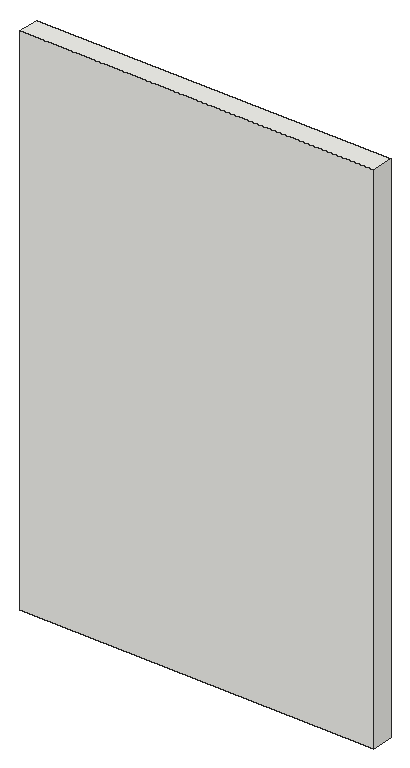
Revit family
Parameters (values of type "솔리드 패널")
  재료 = 금속 - 페인트 마감 - 아이보리색, 무광
  간격띄우기 = 125.00 mm
  두께 = 100.00 mm
Reference planes
  plane 1: y = 0
  plane 2: z = 0
  plane 3: x = 0
  plane 4: x = -831.877
  plane 5: x = 831.877
  plane 6: z = 2438.4
  plane 7: y = 125
  plane 8: y = 25
Forms (mm)
  Extrusion 1, solid, material "금속 - 페인트 마감 - 아이보리색, 무광" <- "재료"
    sketch origin (0, 0, 0) x (1, 0, 0) y (0, 1, 0)
      loop
        line (-831.877, 25) -> (831.877, 25) -> (831.877, 125) -> (-831.877, 125) -> (-831.877, 25)
    from 0 to 2438.4
Lines and regions (mm)
  symbolic lines, style "패널 재료 1"
    curve 1: line (831.877, 125, 0) -> (-831.877, 125, 0)
    curve 2: line (831.877, 25, 0) -> (831.877, 125, 0)
    curve 3: line (-831.877, 25, 0) -> (831.877, 25, 0)
    curve 4: line (-831.877, 125, 0) -> (-831.877, 25, 0)
Text (mm)
  text "외부" at (-1654.078, 797.241, 0), in view "기준선"
Dimensions and locks
  equal spacing: plane 4, plane 3, plane 5
  "간격띄우기": plane 1 to plane 7
  "두께": plane 8 to plane 7
  aligned and locked: plane 5 to Extrusion 1 sketch curve
  aligned and locked: Extrusion 1 sketch curve to plane 5
  aligned and locked: Extrusion 1 to level
  aligned and locked: Extrusion 1 to plane 6
Automatic sketch dimensions
  Extrusion 1 sketch curve to plane 4 = 0.00 mm
  Extrusion 1 sketch curve to plane 8 = 0.00 mm
  Extrusion 1 sketch curve to plane 7 = 0.00 mm
  curve 1 to plane 4 = 0.00 mm
  curve 3 to plane 5 = 0.00 mm
  curve 3 to plane 8 = 0.00 mm
  curve 2 to plane 7 = 0.00 mm
